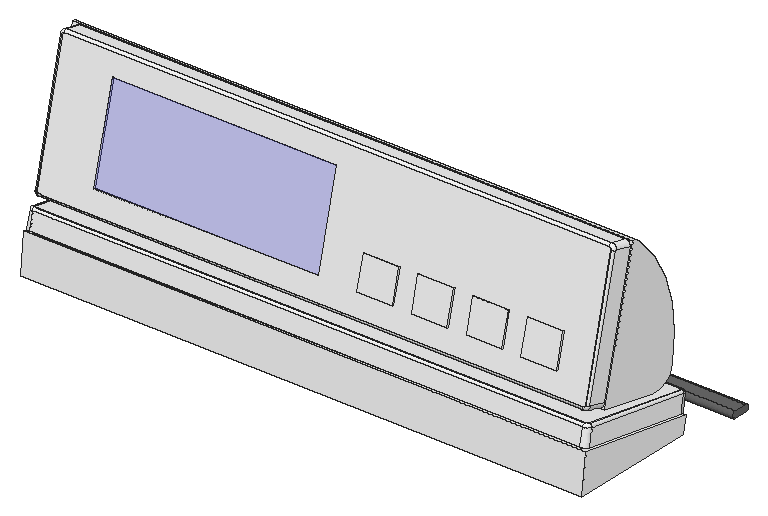
Revit family "seca 869 - Rebuild_Display", category Specialty Equipment, host Face, Revit 2016
Family settings
  Host = Face
  Part Type = Normal
  Round Connector Dimension = Use Diameter
  OmniClass Number = 23.40.70.11.14.11
  OmniClass Title = Medical Equipment
  Cut with Voids When Loaded = No
  Shared = No
  Room Calculation Point = No
Parameters (values of type "seca 869")
  URL = "www.seca.com"
  Power Supply = "Batteries"
  Model = "seca 869/899"
  Manufacturer = "seca gmbh & co. kg"
  Description = "Flat scale with cable remote display"
  Default Elevation = 1219.2 mm
Reference planes
  plane 1 "Center (Front/Back)": y = 0
  plane 2: z = 0
  plane 3 "Center (Left/Right)": x = 0
Dimensions and locks
  aligned and locked: plane 2 to host face
  aligned and locked: level to host face
Nested families
  nested 1: "seca 869 - Rebuild" at (0, -347.526, -2.45), type "seca 869"
Definition of nested family "seca 869 - Rebuild"
  Parameters (values of type "seca 869")
    URL = "www.seca.com"
    Power Supply = "Batteries"
    Model = "seca 869/899"
    Manufacturer = "seca gmbh & co. kg"
    Description = "Flat scale with cable remote display"
  Reference planes
    plane 1 "Center (Front/Back)": y = 0
    plane 2: z = 0
    plane 3 "Center (Left/Right)": x = 0
    plane 4 "A": through (0, 309.903, 26.867) normal (0, -0.9692, 0.2463)
    plane 5 "B": through (0, 347.272, 8.959) normal (0, -0.1736, -0.9848)
  Forms (mm)
    Extrusion 1, solid
      sketch origin (0, 0, 15.45) x (0, 1, 0) y (0, 0, 1)
        loop
          line (323.338, 61.037) -> (310.654, 11.123) -> (332.578, 6.759)
          arc (332.578, 6.759) -> (338.179, 7.859) -> (341.384, 12.581) r 7.5
          arc (341.384, 12.581) -> (340.08, 37.989) -> (326.439, 59.464) r 49.991
          arc (326.439, 59.464) -> (324.999, 60.468) -> (323.338, 61.037) r 6.328
      from -102.4 to 102.4
    Extrusion 2, solid
      sketch origin (0, 0, 0) x (1, 0, 0) y (0, 1, 0)
        loop
          circle (-92.994, 338.886) r 5
        loop
          circle (92.994, 338.886) r 5
        loop
          circle (-92.994, 306.871) r 5
        loop
          circle (92.994, 306.871) r 5
      from 2.45 to 3.05
    Sweep 3, solid
      path origin (0, 284.694, -72.342) x (0, -0.24628, -0.969199) y (1, 0, 0)
        loop
          arc (-102.363, 100.3) -> (-102.948, 101.714) -> (-104.363, 102.3) r 2
          line (-104.363, 102.3) -> (-151.763, 102.3)
          arc (-151.763, 102.3) -> (-153.177, 101.714) -> (-153.763, 100.3) r 2
          line (-153.763, 100.3) -> (-153.763, -99)
          arc (-153.763, -99) -> (-153.177, -100.414) -> (-151.763, -101) r 2
          line (-151.763, -101) -> (-104.363, -101)
          arc (-104.363, -101) -> (-102.948, -100.414) -> (-102.363, -99) r 2
          line (-102.363, -99) -> (-102.363, 100.3)
      profile origin (0.65, 309.903, 26.867) x (0, -0.24628, -0.969199) y (0, -0.969199, 0.24628)
        loop
          line (0, 0) -> (-0.318, 6.06)
          arc (-0.318, 6.06) -> (-0.625, 6.728) -> (-1.308, 7) r 0.992
          line (-1.308, 7) -> (-1.308, 0) -> (0, 0)
    Sweep 4, solid
      path origin (0, 12.143, 68.864) x (0, -0.984808, 0.173648) y (1, 0, 0)
        loop
          arc (-293.924, 100.667) -> (-294.51, 102.081) -> (-295.924, 102.667) r 2
          line (-295.924, 102.667) -> (-338.557, 102.667)
          arc (-338.557, 102.667) -> (-339.972, 102.081) -> (-340.557, 100.667) r 2
          line (-340.557, 100.667) -> (-340.557, -100.667)
          arc (-340.557, -100.667) -> (-339.972, -102.081) -> (-338.557, -102.667) r 2
          line (-338.557, -102.667) -> (-295.924, -102.667)
          arc (-295.924, -102.667) -> (-294.51, -102.081) -> (-293.924, -100.667) r 2
          line (-293.924, -100.667) -> (-293.924, 100.667)
      profile origin (0, 301.601, 17.824) x (0, -0.984808, 0.173648) y (0, 0.173648, 0.984808)
        loop
          line (0, 0) -> (-0.317, 6.053)
          arc (-0.317, 6.053) -> (-0.627, 6.726) -> (-1.316, 7) r 1
          line (-1.316, 7) -> (-1.316, 0) -> (0, 0)
    Extrusion 5, solid
      sketch origin (0, 12.143, 68.864) x (0, -0.984808, 0.173648) y (1, 0, 0)
        loop
          arc (-295.187, 100.667) -> (-295.403, 101.188) -> (-295.924, 101.404) r 0.737
          line (-295.924, 101.404) -> (-338.557, 101.404)
          arc (-338.557, 101.404) -> (-339.079, 101.188) -> (-339.295, 100.667) r 0.737
          line (-339.295, 100.667) -> (-339.295, -100.667)
          arc (-339.295, -100.667) -> (-339.079, -101.188) -> (-338.557, -101.404) r 0.737
          line (-338.557, -101.404) -> (-295.924, -101.404)
          arc (-295.924, -101.404) -> (-295.403, -101.188) -> (-295.187, -100.667) r 0.737
          line (-295.187, -100.667) -> (-295.187, 100.667)
      from 0 to 7
    Extrusion 6, solid
      sketch origin (0, 284.694, -72.342) x (0, -0.24628, -0.969199) y (1, 0, 0)
        loop
          arc (-152.454, -99) -> (-152.252, -99.489) -> (-151.763, -99.692) r 0.692
          line (-151.763, -99.692) -> (-104.363, -99.692)
          arc (-104.363, -99.692) -> (-103.874, -99.489) -> (-103.671, -99) r 0.692
          line (-103.671, -99) -> (-103.671, 100.3)
          arc (-103.671, 100.3) -> (-103.874, 100.789) -> (-104.363, 100.992) r 0.692
          line (-104.363, 100.992) -> (-151.763, 100.992)
          arc (-151.763, 100.992) -> (-152.252, 100.789) -> (-152.454, 100.3) r 0.692
          line (-152.454, 100.3) -> (-152.454, -99)
      from 0 to 7
    Extrusion 7, solid
      sketch origin (69.325, 307.988, 48.97) x (1, 0, 0) y (0, 0.24628, 0.969199)
        loop
          line (20, 0) -> (7, 0) -> (7, -12) -> (20, -12) -> (20, 0)
        loop
          line (0, -12) -> (0, 0) -> (-13, 0) -> (-13, -12) -> (0, -12)
        loop
          line (-20, -12) -> (-20, 0) -> (-33, 0) -> (-33, -12) -> (-20, -12)
        loop
          line (-40, -12) -> (-40, 0) -> (-53, 0) -> (-53, -12) -> (-40, -12)
      from -0.3 to 0
    Extrusion 8, solid
      sketch origin (0, 0, 0) x (0, 1, 0) y (0, 0, 1)
        loop
          arc (340.055, 27.045) -> (339.987, 28.211) -> (339.71, 29.346) r 6.477
          line (339.71, 29.346) -> (326.812, 25.391) -> (325.247, 21.562)
          arc (325.247, 21.562) -> (324.805, 21.065) -> (324.15, 20.956) r 0.998
          line (324.15, 20.956) -> (341.197, 17.951)
          arc (341.197, 17.951) -> (340.618, 18.278) -> (340.372, 18.896) r 1
          line (340.372, 18.896) -> (340.055, 27.045)
      from 62.768 to 73.119
    Extrusion 9, solid
      sketch origin (0, 0, 0) x (0, 1, 0) y (0, 0, -1)
        loop
          line (340.055, -27.045) -> (340.372, -18.896)
          arc (340.372, -18.896) -> (340.618, -18.278) -> (341.197, -17.951) r 1
          line (341.197, -17.951) -> (324.15, -20.956)
          arc (324.15, -20.956) -> (324.805, -21.065) -> (325.247, -21.562) r 0.998
          line (325.247, -21.562) -> (326.812, -25.391) -> (339.71, -29.346)
          arc (339.71, -29.346) -> (339.987, -28.211) -> (340.055, -27.045) r 6.477
      from 62.768 to 73.119
    Extrusion 10, solid
      sketch origin (0, 12.143, 68.864) x (0, 0.984808, -0.173648) y (1, 0, 0)
        loop
          line (296.791, -101.25) -> (337.691, -101.25)
          arc (337.691, -101.25) -> (338.751, -100.811) -> (339.191, -99.75) r 1.5
          line (339.191, -99.75) -> (339.191, 99.75)
          arc (339.191, 99.75) -> (338.751, 100.811) -> (337.691, 101.25) r 1.5
          line (337.691, 101.25) -> (296.791, 101.25)
          arc (296.791, 101.25) -> (295.73, 100.811) -> (295.291, 99.75) r 1.5
          line (295.291, 99.75) -> (295.291, -99.75)
          arc (295.291, -99.75) -> (295.73, -100.811) -> (296.791, -101.25) r 1.5
      from 0 to 0.8
    Extrusion 11, void
      sketch origin (0, 0, 0) x (0, 1, 0) y (0, 0, 1)
        loop
          line (301.577, 17.016) -> (299.862, 3.05) -> (345.908, 3.05) -> (347.272, 8.959) -> (301.577, 17.016)
        loop
          line (295.846, 29.355) -> (295.846, -8.462) -> (350.846, -8.462) -> (350.846, 29.355) -> (295.846, 29.355)
      from -113.237 to 113.119
    Extrusion 12, solid
      sketch origin (0, 0, 0) x (1, 0, 0) y (0, 1, 0)
        loop
          line (-102.667, 297.116) -> (102.667, 297.116) -> (102.667, 350.105) -> (-102.667, 350.105) -> (-102.667, 297.116)
      from 0 to 22.951
    Extrusion 13, void
      sketch origin (0, 0, 0) x (1, 0, 0) y (0, 0, 1)
        loop
          arc (7.613, 5.655) -> (7.058, 6.995) -> (5.718, 7.55) r 1.895
          line (5.718, 7.55) -> (-5.718, 7.55)
          arc (-5.718, 7.55) -> (-7.058, 6.995) -> (-7.613, 5.655) r 1.895
          line (-7.613, 5.655) -> (-7.702, 3.965)
          arc (-7.702, 3.965) -> (-7.97, 3.318) -> (-8.617, 3.05) r 0.915
          line (-8.617, 3.05) -> (8.648, 3.05)
          arc (8.648, 3.05) -> (7.978, 3.328) -> (7.7, 3.998) r 0.948
          line (7.7, 3.998) -> (7.613, 5.655)
      from -351.5 to -322.473
    Sweep 14, solid
      path origin (0, 0, 5.625) x (1, 0, 0) y (0, 1, 0)
        loop
          line (0, 323.338) -> (0, 358.285)
          arc (0, 358.285) -> (1.464, 361.821) -> (5, 363.285) r 5
          line (5, 363.285) -> (110, 363.285)
      profile origin (0, 340.811, 5.625) x (-1, 0, 0) y (0, 0, 1)
        loop
          line (2.25, 1.25) -> (-2.25, 1.25)
          arc (-2.25, 1.25) -> (-3.499, 0) -> (-2.25, -1.249) r 1.249
          line (-2.25, -1.249) -> (2.25, -1.25)
          arc (2.25, -1.25) -> (3.499, 0) -> (2.25, 1.25) r 1.249
    Extrusion 15, solid
      sketch origin (0, 277.909, -70.618) x (0, -0.24628, -0.969199) y (1, 0, 0)
        loop
          line (-145.4, -80.062) -> (-111.4, -80.062) -> (-111.4, 1.938) -> (-145.4, 1.938) -> (-145.4, -80.062)
      from 0 to -0.5
    Extrusion 16, void
      sketch origin (0, 277.909, -70.618) x (0, -0.24628, -0.969199) y (1, 0, 0)
        loop
          line (-145.4, -80.062) -> (-111.4, -80.062) -> (-111.4, 1.938) -> (-145.4, 1.938) -> (-145.4, -80.062)
      from 0 to -0.5
  Cuts and joins
    Extrusion 11, Extrusion 13 cuts Extrusion 12
    Extrusion 16 cuts Extrusion 6
  Dimensions and locks
    aligned and locked: plane 2 to level
